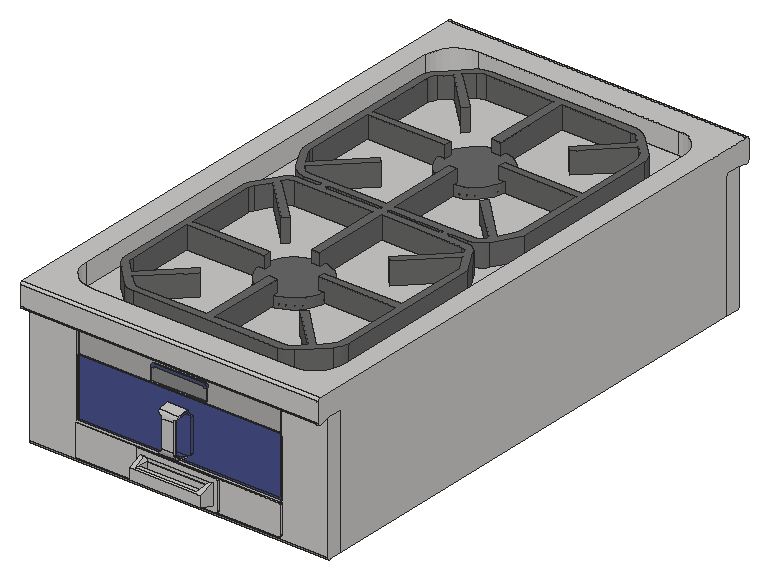
Revit family "QF_ELECTROLUXPROFESSIONAL_593312_MCGDAAEOVI", category Specialty Equipment, Revit 2018 (continued)
Definition of nested family "EG_900_500_Single Range Control Handle Back Panel"
  Definition of nested family "Range Control Handle"
    Lines and regions (mm)
      symbolic lines
        curve 6: spline (-10.213, -20.609, 0) -> (-10.691, -20.537, 0) -> (-11.169, -20.458, 0) -> (-11.646, -20.37, 0) -> (-12.122, -20.274, 0) -> (-12.597, -20.171, 0) -> (-13.07, -20.059, 0) -> (-13.542, -19.94, 0) -> (-14.013, -19.813, 0) -> (-14.483, -19.678, 0) -> (-14.951, -19.536, 0) -> (-15.417, -19.385, 0) -> (-15.881, -19.227, 0)
        curve 7: line (-15.881, -19.227, 0) -> (-15.881, -16.9, 0)
  Definition of nested family "glass conrol panel"
    Reference planes
      plane 1 "Center (Front/Back)": y = 0
      plane 2: z = 0
      plane 3 "Center (Left/Right)": x = 0
    Forms (mm)
      Extrusion 1, solid
        sketch origin (378.286, 0, 0.617) x (1, 0, 0) y (0, 0, 1)
          loop
            line (-550.286, 806.791) -> (-550.286, 708.497) -> (-206.286, 708.497) -> (-206.286, 806.791) -> (-550.286, 806.791)
        from 300.031 to 304.8
      Extrusion 2, solid
        sketch origin (378.286, 0, 0.617) x (1, 0, 0) y (0, 0, 1)
          loop
            line (-550.286, 850.497) -> (-550.286, 806.791) -> (-206.286, 806.791) -> (-206.286, 850.497) -> (-550.286, 850.497)
        from 300.031 to 304.8
      Extrusion 3, void
        sketch origin (378.286, 0, 0.617) x (1, 0, 0) y (0, 0, 1)
          loop
            line (-547.628, 847.565) -> (-547.628, 710.699) -> (-209.196, 710.699) -> (-209.196, 847.565) -> (-547.628, 847.565)
        from 303.697 to 304.8
      Extrusion 4, solid
        sketch origin (-308.309, 1.101, -0.633) x (-1, 0, 0) y (0, 0, -1)
          loop
            line (-261.431, -812.62) -> (-355.186, -812.62) -> (-355.186, -834.177) -> (-350.269, -834.177) -> (-348.469, -835.977) -> (-268.039, -835.977) -> (-266.24, -834.177) -> (-261.431, -834.177) -> (-261.431, -812.62)
        from 304.798 to 306.745
      Extrusion 5, solid
        sketch origin (-308.309, 1.101, -0.633) x (-1, 0, 0) y (0, 0, -1)
          loop
            line (-350.269, -834.177) -> (-355.078, -834.177)
            arc (-355.078, -834.177) -> (-353.942, -838.747) -> (-349.686, -840.763) r 5.5
            line (-349.686, -840.763) -> (-266.98, -840.763)
            arc (-266.98, -840.763) -> (-262.706, -838.752) -> (-261.529, -834.177) r 5.549
            line (-261.529, -834.177) -> (-266.24, -834.177) -> (-268.039, -835.977) -> (-348.469, -835.977) -> (-350.269, -834.177)
        from 304.798 to 306.745
    Cuts and joins
      Extrusion 3 cuts Extrusion 1
      Extrusion 3 cuts Extrusion 2
    Dimensions and locks
      aligned and locked: Extrusion 1 to Extrusion 2
      aligned and locked: Extrusion 5 sketch curve to Extrusion 4  (x5)
      aligned and locked: Extrusion 5 to Extrusion 4
